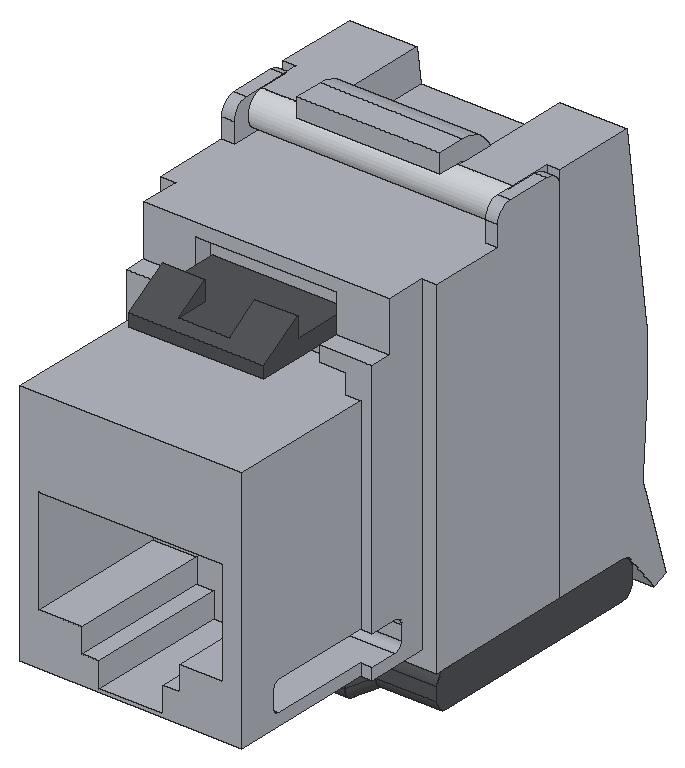
Revit family "RJ45 STP_ESP", category Equipement spécialisé, Revit 2020
Family settings
  Cote de connecteur circulaire = Utiliser le diamètre
  Type d'élément = Normal
  Basée sur le plan de construction = Non
  Toujours verticalement = Oui
  Couper avec des vides une fois chargée = Non
  Partagée = Oui
  Point de calcul de pièce = Non
Parameters (values of type "Connecteur RJ45 Catégorie 6A STP (lot de 24)")
  Type de connecteur = "RJ45"
  Température de stockage = "-10_à_70"
  Température de fonctionnement = "-10_à_60"
  Section AWG = "23-26"
  Référence Legrand = "632905"
  Profondeur = 34 mm
  Lien e-catalogue = "https://www.legrand.fr/reference/632905/pro"
  Libellé BIM = "Connecteur RJ45 Catégorie 6A STP (lot de 24)"
  Largeur (mm) = 18 mm
  IP = "IP20"
  IK = "IK04"
  Hauteur = 31 mm
  Fonction = "Prises murales RJ45"
  Elévation par défaut = 0 mm
  EAN = "3414972227216"
  Diamètre max du câble en entrée = "9MM"
  Couleur = IDS_ARGENT
  Classe ETIM = "EC001121"
  Catégorie = "6A"
  Blindé = yes
Types (3, lengths in mm): name | Référence Legrand | Lien e-catalogue | Libellé BIM | EAN | Catégorie
  Connecteur RJ45 Catégorie 6A STP (lot de 24) | "632905" | "https://www.legrand.fr/reference/632905/pro" | "Connecteur RJ45 Catégorie 6A STP (lot de 24)" | "3414972227216" | "6A"
  Connecteur RJ45 Catégorie 6 STP (lot de 24) | "632907" | "https://www.legrand.fr/reference/632907/pro" | "Connecteur RJ45 Catégorie 6 STP (lot de 24)" | "3414972227254" | "6"
  Connecteur RJ45 Catégorie 5e STP (lot de 24) | "632910" | "https://www.legrand.fr/reference/632910/pro" | "Connecteur RJ45 Catégorie 5e STP (lot de 24)" | "3414972227315" | "5e"
Reference planes
  plane 1 "Centre (avant/arrière)": y = 106
  plane 2: z = 0
  plane 3: x = 0
  plane 4: z = 16.075
  plane 5: x = 14.47
  plane 6: y = 115.65
  plane 7: x = 1.24
  plane 8: x = 13.23
  plane 9: z = 10.32
  plane 10: z = 3.44
  plane 11: z = 0.2
  plane 12: x = 5.16
  plane 13: x = 9.31
  plane 14: z = 1.86
  plane 15: x = 4.06
  plane 16: x = 10.41
  plane 17: y = 119.65
  plane 18: z = 21.675
  plane 19: z = -1
  plane 20: y = 117.05
  plane 21: z = 18.375
  plane 22: x = -0.765
  plane 23: x = 15.235
  plane 24: x = 7.235
  plane 25: z = 24
  plane 26: y = 129.65
  plane 27: y = 124.65
  plane 28: x = -1.765
  plane 29: x = 16.235
  plane 30: x = -0.94
  plane 31: x = 15.41
  plane 32: x = 7.235
  plane 33: z = 25.375
  plane 34: z = 24.125
  plane 35: y = 125.35
  plane 36: y = 126.85
  plane 37: z = 22.9
  plane 38: y = 131.35
  plane 39: y = 127.35
  plane 40: z = -4.8
  plane 41: y = 128.15
  plane 42: z = 22.875
  plane 43: y = 126.85
  plane 44: y = 136.75
  plane 45: z = 12.175
  plane 46: z = 8
  plane 47: y = 136.35
  plane 48: z = 3.25
  plane 49: y = 138.3
  plane 50: z = -3.3
  plane 51: y = 137.3
  plane 52: z = -3.7
  plane 53: y = 123.65
  plane 54: z = 10.5
  plane 55: z = -3.44
  plane 56: y = 135.55
  plane 57: z = -3.44
  plane 58: y = 135.55
  plane 59: z = -4.8
  plane 60: y = 108.5
  plane 61: z = 18.2
  plane 62: z = 19.4
  plane 63: y = 114.05
  plane 64: y = 111.35
  plane 65: z = 20.7
  plane 66: y = 113.65
  plane 67: z = 19
  plane 68: y = 114.2
  plane 69: z = -1.5
  plane 70: y = 111.3
Forms (mm)
  Extrusion 1, solid, material "IDS_ARGENT" <- "Couleur"
    sketch origin (0, 106, 0) x (1, 0, 0) y (0, 0, 1)
      loop
        line (0, 0) -> (14.47, 0) -> (14.47, 16.075) -> (0, 16.075) -> (0, 0)
    from 0 to -9.65
  Extrusion 2, void
    sketch origin (0, 106, 0) x (-1, 0, 0) y (0, 0, 1)
      loop
        line (-1.24, 3.44) -> (-1.24, 10.32) -> (-13.23, 10.32) -> (-13.23, 3.44) -> (-10.41, 3.44) -> (-10.41, 1.86) -> (-9.31, 1.86) -> (-9.31, 0.2) -> (-5.16, 0.2) -> (-5.16, 1.86) -> (-4.06, 1.86) -> (-4.06, 3.44) -> (-1.24, 3.44)
    from 0 to 9.3
  Extrusion 3, solid, material "IDS_ARGENT" <- "Couleur"
    sketch origin (-0.765, -1524, -4.284) x (0, 0, -1) y (0, -1, 0)
      loop
        line (-4.284, -1639.65) -> (-22.659, -1639.65) -> (-22.659, -1641.05) -> (-25.959, -1641.05) -> (-25.959, -1643.65) -> (-4.284, -1643.65) -> (-4.284, -1639.65)
    from 0 to -16
  Extrusion 4, void
    sketch origin (-27.014, 115.65, 1200) x (1, 0, 0) y (0, 0, 1)
      loop
        line (27.949, -1183.925) -> (40.549, -1183.925) -> (40.549, -1182.625) -> (38.849, -1182.625) -> (38.849, -1179.125) -> (29.649, -1179.125) -> (29.649, -1182.625) -> (27.949, -1182.625) -> (27.949, -1183.925)
    from 0 to -2.5
  Extrusion 5, solid, material "IDS_ARGENT" <- "Couleur"
    sketch origin (-1.765, -1524, -2.503) x (0, 0, -1) y (0, -1, 0)
      loop
        line (-1.503, -1653.65) -> (-1.503, -1643.65) -> (-24.178, -1643.65) -> (-24.178, -1648.65) -> (-25.503, -1648.65)
        arc (-25.503, -1648.65) -> (-26.21, -1648.943) -> (-26.503, -1649.65) r 1
        line (-26.503, -1649.65) -> (-26.503, -1652.65)
        arc (-26.503, -1652.65) -> (-26.21, -1653.357) -> (-25.503, -1653.65) r 1
        line (-25.503, -1653.65) -> (-1.503, -1653.65)
    from 0 to -18
  Extrusion 6, void
    sketch origin (0, 124.65, 27.667) x (0, 0, -1) y (-1, 0, 0)
      loop
        line (5.992, 0.94) -> (3.667, 0.94) -> (3.667, -15.41) -> (5.992, -15.41) -> (5.992, 0.94)
    from 0 to 5
  Extrusion 7, solid, material "IDS_ARGENT" <- "Couleur"
    sketch origin (7.235, -1524, 28.784) x (0, 0, 1) y (0, -1, 0)
      loop
        line (-7.109, -1650.85) -> (-7.109, -1653.65) -> (-5.809, -1653.65)
        arc (-5.809, -1653.65) -> (-4.112, -1652.947) -> (-3.409, -1651.25) r 2.4
        line (-3.409, -1651.25) -> (-3.409, -1649.35) -> (-4.659, -1649.35) -> (-4.659, -1650.85)
        arc (-4.659, -1650.85) -> (-5.884, -1652.075) -> (-7.109, -1650.85) r 1.225
    from -4.65 to 4.65
  Extrusion 8, solid, material "IDS_ARGENT" <- "Couleur"
    sketch origin (7.235, -1524, 28.784) x (0, 0, 1) y (0, -1, 0)
      loop
        line (-28.784, -1655.35) -> (-28.784, -1651.35) -> (-32.824, -1651.405)
        arc (-32.824, -1651.405) -> (-33.277, -1651.703) -> (-33.584, -1652.15) r 1.4
        line (-33.584, -1652.15) -> (-33.584, -1654.85)
        arc (-33.584, -1654.85) -> (-33.437, -1655.204) -> (-33.084, -1655.35) r 0.5
        line (-33.084, -1655.35) -> (-28.784, -1655.35)
    from -5 to 5
  Extrusion 9, solid
    sketch origin (7.235, -1524, 28.784) x (0, 0, 1) y (0, -1, 0)
      loop
        circle (-5.909, -1650.85) r 1.15
    from -8.175 to 8.175
  Extrusion 10, solid, material "IDS_ARGENT" <- "Couleur"
    sketch origin (7.235, -1524, 28.784) x (0, 0, 1) y (0, -1, 0)
      loop
        line (-29.784, -1653.65) -> (-29.784, -1659.2) -> (-32.484, -1661.3) -> (-32.084, -1662.3) -> (-26.482, -1660.565)
        arc (-26.482, -1660.565) -> (-26.012, -1660.46) -> (-25.534, -1660.413) r 4
        line (-25.534, -1660.413) -> (-20.73, -1660.75) -> (-17.147, -1660.75)
        arc (-17.147, -1660.75) -> (-16.613, -1660.714) -> (-16.089, -1660.608) r 4
        line (-16.089, -1660.608) -> (-4.759, -1659.1) -> (-4.759, -1650.85)
        arc (-4.759, -1650.85) -> (-5.909, -1649.7) -> (-7.059, -1650.85) r 1.15
        line (-7.059, -1650.85) -> (-7.059, -1653.65) -> (-29.784, -1653.65)
    from -9 to 9
  Extrusion 11, void
    sketch origin (-1.765, -1524, -2.503) x (0, 0, 1) y (0, -1, 0)
      loop
        line (24.228, -1653.65) -> (26.528, -1653.65) -> (26.528, -1650.85)
        arc (26.528, -1650.85) -> (25.378, -1649.7) -> (24.228, -1650.85) r 1.15
        line (24.228, -1650.85) -> (24.228, -1653.65)
    from 0.825 to 0
  Extrusion 12, void
    sketch origin (16.235, -1524, 29.162) x (0, 0, -1) y (0, -1, 0)
      loop
        line (5.137, -1650.85) -> (5.137, -1653.65) -> (7.437, -1653.65) -> (7.437, -1650.85)
        arc (7.437, -1650.85) -> (6.287, -1649.7) -> (5.137, -1650.85) r 1.15
    from 0 to 0.825
  Extrusion 13, void
    sketch origin (7.235, -1524, 28.784) x (0, 0, -1) y (0, -1, 0)
      loop
        line (4.759, -1659.1) -> (7.059, -1659.406) -> (7.059, -1650.85)
        arc (7.059, -1650.85) -> (5.909, -1652) -> (4.759, -1650.85) r 1.15
        line (4.759, -1650.85) -> (4.759, -1659.1)
    from -4.65 to 4.65
  Extrusion 14, void
    sketch origin (0, 123.65, 24.886) x (0, 0, -1) y (-1, 0, 0)
      loop
        circle (14.386, -7.235) r 4.9
    from 0 to 26.097
  Extrusion 15, solid, material "IDS_ARGENT" <- "Couleur"
    sketch origin (7.235, -1524, 28.784) x (0, 0, 1) y (0, -1, 0)
      loop
        line (-29.784, -1655.35) -> (-33.384, -1655.35) -> (-34.205, -1660.007)
        arc (-34.205, -1660.007) -> (-33.951, -1660.533) -> (-33.371, -1660.46) r 0.5
        line (-33.371, -1660.46) -> (-29.784, -1657.114) -> (-29.784, -1655.35)
    from -5 to 5
  Extrusion 16, solid, material "IDS_NOIR"
    sketch origin (2.235, -1524, 28.784) x (0, 0, -1) y (0, -1, 0)
      loop
        line (32.224, -1658.75) -> (32.224, -1644.45)
        arc (32.224, -1644.45) -> (31.989, -1643.884) -> (31.424, -1643.65) r 0.8
        line (31.424, -1643.65) -> (30.584, -1643.65)
        arc (30.584, -1643.65) -> (30.018, -1643.884) -> (29.784, -1644.45) r 0.8
        line (29.784, -1644.45) -> (29.784, -1658.75)
        arc (29.784, -1658.75) -> (30.018, -1659.316) -> (30.584, -1659.55) r 0.8
        line (30.584, -1659.55) -> (31.424, -1659.55)
        arc (31.424, -1659.55) -> (31.989, -1659.316) -> (32.224, -1658.75) r 0.8
    from 0 to 4
  Extrusion 17, solid, material "IDS_NOIR"
    sketch origin (12.235, -1524, 28.784) x (0, 0, -1) y (0, 1, 0)
      loop
        arc (32.224, 1658.75) -> (31.989, 1659.316) -> (31.424, 1659.55) r 0.8
        line (31.424, 1659.55) -> (30.584, 1659.55)
        arc (30.584, 1659.55) -> (30.018, 1659.316) -> (29.784, 1658.75) r 0.8
        line (29.784, 1658.75) -> (29.784, 1644.45)
        arc (29.784, 1644.45) -> (30.018, 1643.884) -> (30.584, 1643.65) r 0.8
        line (30.584, 1643.65) -> (31.424, 1643.65)
        arc (31.424, 1643.65) -> (31.989, 1643.884) -> (32.224, 1644.45) r 0.8
        line (32.224, 1644.45) -> (32.224, 1658.75)
    from 0 to 4
  Extrusion 18, solid, material "IDS_NOIR"
    sketch origin (7.235, -1524, 28.784) x (0, 0, 1) y (0, -1, 0)
      loop
        line (-29.784, -1658.75) -> (-29.784, -1657.95)
        arc (-29.784, -1657.95) -> (-30.018, -1657.384) -> (-30.584, -1657.15) r 0.8
        line (-30.584, -1657.15) -> (-31.424, -1657.15)
        arc (-31.424, -1657.15) -> (-31.989, -1657.384) -> (-32.224, -1657.95) r 0.8
        line (-32.224, -1657.95) -> (-32.224, -1658.75)
        arc (-32.224, -1658.75) -> (-31.989, -1659.316) -> (-31.424, -1659.55) r 0.8
        line (-31.424, -1659.55) -> (-30.584, -1659.55)
        arc (-30.584, -1659.55) -> (-30.018, -1659.316) -> (-29.784, -1658.75) r 0.8
    from -5 to 5
  Extrusion 19, solid, material "IDS_NOIR"
    sketch origin (7.235, -1524, 28.784) x (0, 0, 1) y (0, -1, 0)
      loop
        arc (-31.034, -1644.45) -> (-31.268, -1643.884) -> (-31.834, -1643.65) r 0.8
        line (-31.834, -1643.65) -> (-32.784, -1643.65)
        arc (-32.784, -1643.65) -> (-33.349, -1643.884) -> (-33.584, -1644.45) r 0.8
        line (-33.584, -1644.45) -> (-33.584, -1650.55)
        arc (-33.584, -1650.55) -> (-33.349, -1651.116) -> (-32.784, -1651.35) r 0.8
        line (-32.784, -1651.35) -> (-31.834, -1651.35)
        arc (-31.834, -1651.35) -> (-31.268, -1651.116) -> (-31.034, -1650.55) r 0.8
        line (-31.034, -1650.55) -> (-31.034, -1644.45)
    from -3 to 3
  SweptBlend 20, solid, material "IDS_NOIR"
    path origin (7.235, 119.65, -4) x (0, 0, 1) y (-1, 0, 0)
      loop
        line (0.95, 3) -> (0.95, 5)
    profile origin (4.235, 119.65, -3.05) x (0, 0, -1) y (0, -1, 0)
      loop
        line (-0.8, -0.8) -> (-0.8, -6.9)
        arc (-0.8, -6.9) -> (-0.566, -7.466) -> (0, -7.7) r 0.8
        line (0, -7.7) -> (0.95, -7.7)
        arc (0.95, -7.7) -> (1.516, -7.466) -> (1.75, -6.9) r 0.8
        line (1.75, -6.9) -> (1.75, -0.8)
        arc (1.75, -0.8) -> (1.516, -0.234) -> (0.95, 0) r 0.8
        line (0.95, 0) -> (0, 0)
        arc (0, 0) -> (-0.566, -0.234) -> (-0.8, -0.8) r 0.8
    end profile origin (2.235, 119.65, -3.05) x (0, 0, -1) y (0, -1, 0)
      loop
        line (-0.41, 0) -> (-1.25, 0)
        arc (-1.25, 0) -> (-1.816, -0.234) -> (-2.05, -0.8) r 0.8
        line (-2.05, -0.8) -> (-2.05, -6.9)
        arc (-2.05, -6.9) -> (-1.816, -7.466) -> (-1.25, -7.7) r 0.8
        line (-1.25, -7.7) -> (-0.41, -7.7)
        arc (-0.41, -7.7) -> (0.156, -7.466) -> (0.39, -6.9) r 0.8
        line (0.39, -6.9) -> (0.39, -0.8)
        arc (0.39, -0.8) -> (0.156, -0.234) -> (-0.41, 0) r 0.8
  SweptBlend 21, solid, material "IDS_NOIR"
    path origin (7.235, 119.65, -4) x (0, 0, 1) y (-1, 0, 0)
      loop
        line (0.886, -3) -> (0.886, -5)
    profile origin (10.235, 119.65, -3.114) x (0, 0, 1) y (0, -1, 0)
      loop
        line (-1.686, -0.8) -> (-1.686, -6.9)
        arc (-1.686, -6.9) -> (-1.452, -7.466) -> (-0.886, -7.7) r 0.8
        line (-0.886, -7.7) -> (0.064, -7.7)
        arc (0.064, -7.7) -> (0.629, -7.466) -> (0.864, -6.9) r 0.8
        line (0.864, -6.9) -> (0.864, -0.8)
        arc (0.864, -0.8) -> (0.629, -0.234) -> (0.064, 0) r 0.8
        line (0.064, 0) -> (-0.886, 0)
        arc (-0.886, 0) -> (-1.452, -0.234) -> (-1.686, -0.8) r 0.8
    end profile origin (12.235, 119.65, -3.114) x (0, 0, 1) y (0, -1, 0)
      loop
        arc (0.474, 0) -> (-0.092, -0.234) -> (-0.326, -0.8) r 0.8
        line (-0.326, -0.8) -> (-0.326, -6.9)
        arc (-0.326, -6.9) -> (-0.092, -7.466) -> (0.474, -7.7) r 0.8
        line (0.474, -7.7) -> (1.314, -7.7)
        arc (1.314, -7.7) -> (1.879, -7.466) -> (2.114, -6.9) r 0.8
        line (2.114, -6.9) -> (2.114, -0.8)
        arc (2.114, -0.8) -> (1.879, -0.234) -> (1.314, 0) r 0.8
        line (1.314, 0) -> (0.474, 0)
  Extrusion 22, void
    sketch origin (14.47, 106, 0) x (0, 0, -1) y (0, -1, 0)
      loop
        arc (-0.75, -3.03) -> (-0.896, -2.676) -> (-1.25, -2.53) r 0.5
        line (-1.25, -2.53) -> (-2.225, -2.53)
        arc (-2.225, -2.53) -> (-2.579, -2.676) -> (-2.725, -3.03) r 0.5
        line (-2.725, -3.03) -> (-2.725, -11.53)
        arc (-2.725, -11.53) -> (-2.579, -11.884) -> (-2.225, -12.03) r 0.5
        line (-2.225, -12.03) -> (-1.25, -12.03)
        arc (-1.25, -12.03) -> (-0.896, -11.884) -> (-0.75, -11.53) r 0.5
        line (-0.75, -11.53) -> (-0.75, -3.03)
    from -0.765 to 2.76
  Extrusion 23, void
    sketch origin (0, 106, 0) x (0, 0, -1) y (0, 1, 0)
      loop
        line (-0.75, 3) -> (-0.75, 11.5)
        arc (-0.75, 11.5) -> (-0.896, 11.854) -> (-1.25, 12) r 0.5
        line (-1.25, 12) -> (-2.225, 12)
        arc (-2.225, 12) -> (-2.579, 11.854) -> (-2.725, 11.5) r 0.5
        line (-2.725, 11.5) -> (-2.725, 3)
        arc (-2.725, 3) -> (-2.579, 2.646) -> (-2.225, 2.5) r 0.5
        line (-2.225, 2.5) -> (-1.25, 2.5)
        arc (-1.25, 2.5) -> (-0.896, 2.646) -> (-0.75, 3) r 0.5
    from -0.765 to 2.76
  Extrusion 24, solid, material "IDS_NOIR"
    sketch origin (7.235, -1524, 28.784) x (0, 0, 1) y (0, -1, 0)
      loop
        line (-10.584, -1642.15) -> (-9.384, -1642.15) -> (-9.384, -1638.05) -> (-8.084, -1638.05) -> (-9.784, -1635.35) -> (-10.584, -1635.35) -> (-10.584, -1642.15)
    from -4.4 to 4.4
  Extrusion 25, void
    sketch origin (7.235, 118.15, 19.4) x (1, 0, 0) y (0, -1, 0)
      loop
        line (-1.65, 6.8) -> (-1.65, 4.1) -> (1.65, 4.1) -> (1.65, 6.8) -> (-1.65, 6.8)
    from -1.3 to 0
  Extrusion 26, solid, material "IDS_ARGENT" <- "Couleur"
    sketch origin (7.235, -1524, 28.784) x (0, 0, 1) y (0, -1, 0)
      loop
        line (-28.784, -1638.2) -> (-28.784, -1635.3) -> (-30.284, -1638.2) -> (-28.784, -1638.2)
    from -5.25 to 5.25
Cuts and joins
  Extrusion 2, Extrusion 4, Extrusion 14, Extrusion 22, Extrusion 23 cuts Extrusion 1
  Extrusion 4, Extrusion 14, Extrusion 22, Extrusion 23 cuts Extrusion 3
  Extrusion 6, Extrusion 22, Extrusion 23 cuts Extrusion 5
  joined: Extrusion 1, Extrusion 3, Extrusion 5, Extrusion 26
  Extrusion 11, Extrusion 13 cuts Extrusion 9
  Extrusion 11, Extrusion 12, Extrusion 13, Extrusion 14 cuts Extrusion 10
  joined: Extrusion 16, Extrusion 17, Extrusion 18, Extrusion 19
  joined: SweptBlend 20, SweptBlend 21
  Extrusion 25 cuts Extrusion 24
Dimensions and locks
  locked: plane 4 to level at 16.075
  locked: plane 5 to plane 3 at 14.47
  locked: plane 1 "Centre (avant/arrière)" to plane 6 at 9.65
  plane 7 to plane 3 = 1.24 mm
  plane 5 to plane 8 = 1.24 mm
  plane 11 to level = 0.2 mm
  plane 15 to plane 7 = 2.82 mm
  plane 8 to plane 16 = 2.82 mm
  plane 12 to plane 15 = 1.1 mm
  plane 16 to plane 13 = 1.1 mm
  plane 14 to plane 11 = 1.66 mm
  plane 10 to plane 14 = 1.58 mm
  plane 9 to plane 10 = 6.88 mm
  plane 17 to plane 6 = 4 mm
  locked: plane 18 to plane 4 at 5.6
  plane 21 to plane 4 = 2.3 mm
  plane 20 to plane 6 = 1.4 mm
  locked: plane 22 to plane 3 at 0.765
  locked: plane 5 to plane 23 at 0.765
  equal spacing: plane 22, plane 24, plane 23
  equal spacing: Extrusion 4 sketch curve, plane 24, Extrusion 4 sketch curve  (x2)
  Extrusion 4 sketch curve to Extrusion 4 sketch curve to plane 4 = 3.5 mm, 1.3 mm
  plane 24 to Extrusion 4 sketch curve = 6.3 mm
  plane 24 to Extrusion 4 sketch curve = 4.6 mm
  locked: level to plane 19 at 1
  plane 26 to plane 17 = 10 mm
  plane 26 to plane 27 = 5 mm
  locked: plane 28 to plane 22 at 1
  locked: plane 29 to plane 23 at 1
  plane 28 to plane 30 = 0.825 mm
  plane 29 to plane 31 = 0.825 mm
  plane 25 to plane 18 = 2.325 mm
  equal spacing: plane 28, plane 32, plane 29, locked at 9 each
  plane 33 to plane 18 = 3.7 mm
  plane 33 to plane 34 = 1.25 mm
  plane 26 to plane 35 = 4.3 mm
  plane 36 to plane 35 = 1.5 mm
  equal spacing: plane 34, plane 37, cut or joined group 1 (Extrusion 1, Extrusion 2, Extrusion 3, Extrusion 4, Extrusion 5, Extrusion 6, Extrusion 14, Extrusion 22, Extrusion 23, Extrusion 26)
  locked: plane 38 to cut or joined group 1 at 1.7
  plane 38 to plane 39 = 4 mm
  plane 38 to plane 41 = 3.2 mm
  plane 42 to plane 18 = 1.2 mm
  Extrusion 10 sketch curve to cut or joined group 1 = 5.45 mm
  plane 19 to plane 48 = 4.25 mm
  plane 46 to plane 19 = 9 mm
  plane 25 to plane 45 = 11.825 mm
  plane 44 to cut or joined group 1 = 7.1 mm
  plane 47 to cut or joined group 1 = 6.7 mm
  cut or joined group 1 to plane 49 = 8.65 mm
  plane 19 to plane 50 = 2.3 mm
  plane 19 to plane 52 = 2.7 mm
  plane 26 to plane 53 = 6 mm
  plane 54 to plane 25 = 13.5 mm
  plane 19 to Extrusion 15 sketch curve = 3.6 mm
  plane 19 to plane 40 = 3.8 mm
  plane 55 to cut or joined group of Extrusion 10, Extrusion 11, Extrusion 12, Extrusion 13, Extrusion 14 = 2.44 mm
  plane 56 to plane 17 = 15.9 mm
  plane 19 to Extrusion 19 sketch curve = 1.25 mm
  cut or joined group 1 to Extrusion 22 sketch curve = 0.75 mm
  Extrusion 22 sketch curve to Extrusion 22 sketch curve = 1.975 mm
  Extrusion 22 sketch curve to cut or joined group 1 = 2.53 mm
  Extrusion 22 sketch curve to Extrusion 22 sketch curve = 9.5 mm
  Extrusion 23 sketch curve to Extrusion 23 sketch curve = 1.975 mm
  Extrusion 23 sketch curve to Extrusion 23 sketch curve = 9.5 mm
  plane 60 to plane 1 "Centre (avant/arrière)" = 2.5 mm
  plane 26 to plane 43 = 2.8 mm
  plane 61 to level = 18.2 mm
  plane 62 to plane 61 = 1.2 mm
  cut or joined group 1 to plane 64 = 5.7 mm
  cut or joined group 1 to plane 63 = 3 mm
  plane 65 to plane 62 = 1.3 mm
  plane 67 to plane 61 = 0.8 mm
  equal spacing: Extrusion 25 sketch curve, plane 32, Extrusion 25 sketch curve
  plane 32 to Extrusion 25 sketch curve = 1.65 mm
  plane 68 to plane 1 "Centre (avant/arrière)" = 8.2 mm
  radius of Extrusion 9 sketch curve = 1.15 mm
  angle Extrusion 15 sketch curve to Extrusion 15 sketch curve = 100.00°
  angle Extrusion 15 sketch curve to Extrusion 15 sketch curve = 37.00°
  aligned and locked: level to plane 2
  aligned and locked: plane 2 to Extrusion 1 sketch curve
  aligned and locked: plane 3 to Extrusion 1 sketch curve
  aligned and locked: Extrusion 1 sketch curve to plane 4
  aligned and locked: plane 5 to Extrusion 1 sketch curve
  aligned and locked: plane 6 to Extrusion 1
  aligned and locked: Extrusion 2 sketch curve to plane 7
  aligned and locked: plane 9 to Extrusion 2 sketch curve
  aligned and locked: plane 8 to Extrusion 2 sketch curve
  aligned and locked: Extrusion 2 sketch curve to plane 10  (x2)
  aligned and locked: plane 16 to Extrusion 2 sketch curve
  aligned and locked: Extrusion 2 sketch curve to plane 14  (x2)
  aligned and locked: plane 13 to Extrusion 2 sketch curve
  aligned and locked: Extrusion 2 sketch curve to plane 11
  aligned and locked: plane 12 to Extrusion 2 sketch curve
  aligned and locked: Extrusion 2 sketch curve to plane 15
  aligned and locked: Extrusion 3 sketch curve to plane 17
  aligned and locked: plane 18 to Extrusion 3 sketch curve
  aligned and locked: Extrusion 3 sketch curve to plane 20
  aligned and locked: plane 21 to Extrusion 3 sketch curve
  aligned and locked: Extrusion 3 sketch curve to plane 6
  aligned and locked: plane 23 to Extrusion 3
  aligned and locked: Extrusion 4 sketch curve to Extrusion 4 sketch curve
  aligned and locked: Extrusion 4 sketch curve to plane 4
  aligned and locked: Extrusion 5 sketch curve to plane 26
  aligned and locked: plane 25 to Extrusion 5 sketch curve
  aligned and locked: plane 27 to Extrusion 5 sketch curve
  aligned and locked: Extrusion 5 sketch curve to plane 18
  aligned and locked: Extrusion 5 sketch curve to Extrusion 3
  aligned and locked: Extrusion 5 sketch curve to plane 19
  aligned and locked: plane 29 to Extrusion 5
  aligned and locked: plane 18 to Extrusion 6 sketch curve
  aligned and locked: plane 30 to Extrusion 6 sketch curve
  aligned and locked: Extrusion 6 sketch curve to plane 25
  aligned and locked: Extrusion 6 sketch curve to plane 31
  aligned and locked: Extrusion 6 to plane 26
  aligned and locked: Extrusion 7 sketch curve to cut or joined group 1
  aligned and locked: cut or joined group 1 to Extrusion 7 sketch curve
  aligned and locked: plane 33 to Extrusion 7 sketch curve
  aligned and locked: Extrusion 7 sketch curve to plane 35
  aligned and locked: plane 34 to Extrusion 7 sketch curve
  aligned and locked: plane 38 to Extrusion 8 sketch curve
  aligned and locked: plane 41 to Extrusion 8 sketch curve
  aligned and locked: plane 40 to Extrusion 8 sketch curve
  aligned and locked: Extrusion 8 sketch curve to level
  aligned and locked: Extrusion 9 to cut or joined group 1
  aligned and locked: cut or joined group 1 to Extrusion 9
  aligned and locked: Extrusion 10 sketch curve to plane 26
  aligned and locked: Extrusion 10 sketch curve to Extrusion 9
  aligned and locked: plane 44 to Extrusion 10 sketch curve
  aligned and locked: plane 48 to Extrusion 10 sketch curve
  aligned and locked: plane 50 to Extrusion 10 sketch curve
  aligned and locked: cut or joined group 1 to Extrusion 10 sketch curve
  aligned and locked: plane 51 to Extrusion 10 sketch curve
  aligned and locked: plane 29 to Extrusion 10
  aligned and locked: plane 28 to Extrusion 10
  aligned and locked: Extrusion 11 sketch curve to Extrusion 10  (x2)
  aligned and locked: Extrusion 11 sketch curve to Extrusion 7
  aligned and locked: Extrusion 11 to cut or joined group 1
  aligned and locked: Extrusion 12 to cut or joined group 1
  aligned and locked: Extrusion 13 sketch curve to cut or joined group of Extrusion 10, Extrusion 11, Extrusion 12, Extrusion 13, Extrusion 14  (x3)
  aligned and locked: Extrusion 13 sketch curve to cut or joined group of Extrusion 9, Extrusion 11, Extrusion 13
  aligned and locked: Extrusion 13 to Extrusion 7
  aligned and locked: Extrusion 7 to Extrusion 13
  aligned and locked: plane 38 to Extrusion 15 sketch curve
  aligned and locked: plane 19 to Extrusion 15 sketch curve
  aligned and locked: plane 55 to Extrusion 16 sketch curve
  aligned and locked: Extrusion 16 sketch curve to plane 56
  aligned and locked: cut or joined group 1 to Extrusion 16 sketch curve
  aligned and locked: Extrusion 16 sketch curve to cut or joined group 1
  aligned and locked: Extrusion 8 to Extrusion 15
  aligned and locked: Extrusion 15 to Extrusion 8
  aligned and locked: plane 28 to Extrusion 16
  aligned and locked: plane 57 to Extrusion 17 sketch curve
  aligned and locked: plane 58 to Extrusion 17 sketch curve
  aligned and locked: plane 29 to Extrusion 17
  aligned and locked: Extrusion 17 to Extrusion 8
  aligned and locked: Extrusion 18 sketch curve to Extrusion 16
  aligned and locked: Extrusion 16 to Extrusion 18 sketch curve
  aligned and locked: plane 19 to Extrusion 18 sketch curve
  aligned and locked: Extrusion 8 to Extrusion 18  (x2)
  aligned and locked: plane 59 to Extrusion 8
  aligned and locked: plane 59 to Extrusion 19 sketch curve
  aligned and locked: SweptBlend 20 sketch curve to Extrusion 19  (x4)
  aligned and locked: SweptBlend 20 sketch curve to Extrusion 16  (x2)
  aligned and locked: SweptBlend 21 sketch curve to Extrusion 19  (x4)
  aligned and locked: SweptBlend 21 sketch curve to Extrusion 17  (x2)
  aligned and locked: Extrusion 3 to Extrusion 23
  aligned and locked: Extrusion 22 to Extrusion 3
  aligned and locked: plane 60 to Extrusion 23 sketch curve
  aligned and locked: cut or joined group 1 to Extrusion 24 sketch curve
  aligned and locked: plane 62 to Extrusion 24 sketch curve
  aligned and locked: plane 63 to Extrusion 24 sketch curve
  aligned and locked: plane 61 to Extrusion 24 sketch curve
  aligned and locked: plane 67 to Extrusion 24 sketch curve
  aligned and locked: Extrusion 24 sketch curve to plane 64
  aligned and locked: plane 68 to Extrusion 26 sketch curve
  aligned and locked: Extrusion 26 sketch curve to level
Automatic sketch dimensions
  Extrusion 3 sketch curve to level = 0 mm
  Extrusion 5 sketch curve to plane 25 = 1 mm  (x2)
  Extrusion 7 sketch curve to plane 36 = 0 mm  (x2)
  plane 37 to Extrusion 7 sketch curve = 0.075 mm
  Extrusion 8 sketch curve to plane 39 = 0 mm
  Extrusion 8 sketch curve to Extrusion 8 sketch curve = 0.5 mm
  Extrusion 8 sketch curve to plane 39 = 0.055 mm
  plane 40 to Extrusion 8 sketch curve = 0.759 mm
  Extrusion 8 sketch curve to plane 41 = 0.553 mm
  Extrusion 9 sketch curve to plane 42 = 0 mm
  Extrusion 9 sketch curve to plane 43 = 0 mm
  Extrusion 10 sketch curve to plane 52 = 0 mm
  Extrusion 10 sketch curve to plane 49 = 0 mm
  plane 44 to Extrusion 10 sketch curve = 0.185 mm
  Extrusion 10 sketch curve to plane 48 = 0.948 mm
  plane 48 to Extrusion 10 sketch curve = 0.156 mm
  plane 46 to Extrusion 10 sketch curve = 0.054 mm
  Extrusion 10 sketch curve to plane 45 = 0.539 mm
  plane 44 to Extrusion 10 sketch curve = 0.142 mm
  Extrusion 10 sketch curve to Extrusion 10 sketch curve = 1.058 mm
  plane 49 to Extrusion 10 sketch curve = 2.109 mm
  plane 47 to Extrusion 10 sketch curve = 1.15 mm
  Extrusion 12 sketch curve to plane 26 = 0 mm
  plane 25 to Extrusion 12 sketch curve = 0.025 mm
  Extrusion 12 sketch curve to plane 25 = 1.125 mm
  Extrusion 12 sketch curve to plane 27 = 2.2 mm
  Extrusion 13 sketch curve to Extrusion 13 sketch curve = 0 mm  (x2)
  Extrusion 14 sketch curve to plane 32 = 0 mm
  Extrusion 14 sketch curve to plane 54 = 0 mm
  Extrusion 15 sketch curve to plane 19 = 3.929 mm
  Extrusion 15 sketch curve to Extrusion 15 sketch curve = 0.492 mm
  Extrusion 15 sketch curve to Extrusion 15 sketch curve = 0.341 mm
  Extrusion 15 sketch curve to Extrusion 15 sketch curve = 0.087 mm
  Extrusion 16 sketch curve to Extrusion 16 sketch curve = 0.8 mm  (x2)
  Extrusion 16 sketch curve to Extrusion 16 sketch curve = 0.84 mm  (x2)
  Extrusion 17 sketch curve to plane 19 = 0 mm
  Extrusion 17 sketch curve to plane 17 = 0 mm
  Extrusion 17 sketch curve to plane 19 = 0.8 mm
  Extrusion 17 sketch curve to Extrusion 17 sketch curve = 0.8 mm
  plane 57 to Extrusion 17 sketch curve = 0.8 mm  (x2)
  Extrusion 18 sketch curve to Extrusion 18 sketch curve = 0.8 mm  (x3)
  Extrusion 18 sketch curve to plane 19 = 0.8 mm
  Extrusion 18 sketch curve to Extrusion 18 sketch curve = 0 mm
  Extrusion 19 sketch curve to plane 17 = 0 mm
  plane 59 to Extrusion 19 sketch curve = 0.8 mm  (x2)
  Extrusion 19 sketch curve to Extrusion 19 sketch curve = 0.95 mm  (x2)
  Extrusion 19 sketch curve to plane 27 = 1.9 mm
  SweptBlend 20 sketch curve to Extrusion 19 = 0 mm  (x2)
  SweptBlend 20 sketch curve to Extrusion 19 = 2 mm
  SweptBlend 20 sketch curve to SweptBlend 20 sketch curve = 0.8 mm
  profile plane to SweptBlend 20 sketch curve = 0.41 mm
  SweptBlend 20 sketch curve to SweptBlend 20 sketch curve = 6.1 mm
  Extrusion 19 to SweptBlend 21 sketch curve = 0 mm
  Extrusion 19 to SweptBlend 21 sketch curve = 0.064 mm
  SweptBlend 21 sketch curve to Extrusion 19 = 2 mm
  SweptBlend 21 sketch curve to profile plane = 0.474 mm
  SweptBlend 21 sketch curve to SweptBlend 21 sketch curve = 0.84 mm
  SweptBlend 21 sketch curve to SweptBlend 21 sketch curve = 6.1 mm
  Extrusion 22 sketch curve to Extrusion 22 sketch curve = 0.5 mm  (x4)
  level to Extrusion 23 sketch curve = 2.725 mm
  Extrusion 23 sketch curve to Extrusion 23 sketch curve = 0.5 mm  (x4)
  Extrusion 24 sketch curve to plane 65 = 0 mm
  Extrusion 24 to Extrusion 25 sketch curve = 0 mm
  Extrusion 24 to Extrusion 25 sketch curve = 2.7 mm
  Extrusion 26 sketch curve to plane 69 = 0 mm
  Extrusion 26 sketch curve to plane 70 = 0 mm
  radius of Extrusion 14 sketch curve = 4.9 mm
